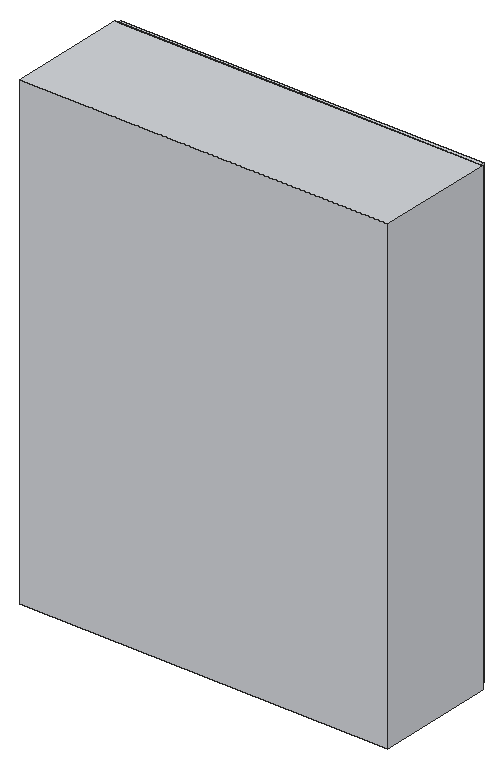
Revit family "Armário - Closet - Porta com armação dupla 2", category Mobiliário, Revit 2019
Family settings
  Número OmniClass = 23.40.20.00
  Título OmniClass = General Furniture and Specialties
  Com base no plano de trabalho = Não
  Sempre na vertical = Sim
  Corte com vazios quando carregada = Não
  Compartilhado = Não
  Ponto de cálculo do ambiente = Não
Parameters (values of type "Armário - Closet - Porta com armação dupla 2")
  Largura [instance] = 1800 mm
  Material do closet = none
  Altura [instance] = 2300 mm
  Material do puxador = none
  Linear [instance] = 600 mm
Reference planes
  plane 1 "Centro (Frente/Trás)": y = 0
  plane 2: z = 0
  plane 3 "Centro (Esquerda/Direita)": x = 0
  plane 4: z = 2300
  plane 5: z = 18
  plane 6: y = 582
  plane 7: y = 600
  plane 8: x = -900
  plane 9: x = 900
  plane 10: x = -887.5
  plane 11: x = 887.5
  plane 12: x = -20
  plane 13: x = -120
  plane 14: z = 1185
  plane 15: z = 1025
  plane 16: z = 1205
  plane 17: z = 1045
  plane 18: x = -100
  plane 19: x = -60
Forms (mm)
  Extrusion 1, solid, material <- "Material do closet", detail levels medium+fine
    sketch origin (0, 0, 0) x (1, 0, 0) y (0, 1, 0)
      loop
        line (-900, 0) -> (900, 0) -> (900, 582) -> (-900, 582) -> (-900, 0)
    from 0 to 2300
  Extrusion 2, solid, material <- "Material do closet", detail levels medium+fine
    sketch origin (0, 0, 0) x (1, 0, 0) y (0, 1, 0)
      loop
        line (-887.5, 582) -> (0, 582) -> (0, 600) -> (-887.5, 600) -> (-887.5, 582)
    from 18 to 2300
  Extrusion 3, solid, material <- "Material do closet", detail levels medium+fine
    sketch origin (0, 0, 0) x (-1, 0, 0) y (0, -1, 0)
      loop
        line (-887.5, -582) -> (-887.5, -600) -> (0, -600) -> (0, -582) -> (-887.5, -582)
    from 18 to 2300
  Extrusion 4, solid, material <- "Material do closet", detail levels coarse
    sketch origin (0, 0, 0) x (1, 0, 0) y (0, 1, 0)
      loop
        line (-900, 0) -> (900, 0) -> (900, 600) -> (-900, 600) -> (-900, 0)
    from 0 to 2300
  Extrusion 5, solid, material <- "Material do puxador", detail levels medium+fine
    sketch origin (-848.727, 600, 1200) x (-1, 0, 0) y (0, 0, -1)
      loop
        line (-828.727, -5) -> (-728.727, -5) -> (-728.727, 175) -> (-828.727, 175) -> (-828.727, -5)
    from 0 to -5
  Extrusion 6, void
    sketch origin (-848.727, 600, 1200) x (1, 0, 0) y (0, 0, -1)
      loop
        line (788.727, 15) -> (788.727, 155) -> (748.727, 155) -> (748.727, 15) -> (788.727, 15)
    from -7.5 to 7.5
  Extrusion 7, solid, material <- "Material do puxador", detail levels medium+fine
    sketch origin (-848.727, 600, 1200) x (-1, 0, 0) y (0, 0, -1)
      loop
        line (-788.727, 15) -> (-748.727, 15) -> (-748.727, 155) -> (-788.727, 155) -> (-788.727, 15)
    from 5 to 7.5
Cuts and joins
  Extrusion 6 cuts Extrusion 1
  Extrusion 6 cuts Extrusion 5
  joined: Extrusion 5, Extrusion 7
Lines and regions (mm)
  Masking region 1, detail levels coarse
    outline origin (0, 0, 0) x (0, 1, 0) y (0, 0, 1)
      loop
        line (-618, 2300) -> (-618, 0) -> (0, 0) -> (0, 2300) -> (-618, 2300)
  Masking region 2, detail levels coarse
    outline origin (0, 0, 0) x (1, 0, 0) y (0, 1, 0)
      loop
        line (-900, 0) -> (900, 0) -> (900, 600) -> (-900, 600) -> (-900, 0)
  Masking region 3, detail levels medium+fine
    outline origin (0, 0, 0) x (1, 0, 0) y (0, 1, 0)
      loop
        line (-900, 0) -> (900, 0) -> (900, 582) -> (887.5, 582) -> (887.5, 600) -> (-887.5, 600) -> (-887.5, 582) -> (-900, 582) -> (-900, 0)
  Split face 1
    outline origin (900, 600, 0) x (-1, 0, 0) y (0, 0, 1)
      loop
        line (900, 0) -> (900, 2300)
  symbolic lines
    curve 1: line (-900, 0, 0) -> (900, 0, 0)
    curve 3: line (900, 0, 0) -> (900, 582, 0)
    curve 5: line (-900, 582, 0) -> (-900, 0, 0)
    curve 9: line (887.5, 600, 0) -> (-887.5, 600, 0)
  symbolic lines, detail levels coarse
    curve 2: line (-900, 600, 0) -> (-900, 582, 0)
    curve 6: line (900, 582, 0) -> (900, 600, 0)
    curve 10: line (-900, 600, 0) -> (900, 600, 0)
    curve 12: line (-900, 0, 0) -> (900, 600, 0)
    curve 13: line (900, 0, 0) -> (-900, 600, 0)
  symbolic lines, detail levels medium+fine
    curve 4: line (-900, 582, 0) -> (900, 582, 0)
    curve 7: line (-887.5, 582, 0) -> (-887.5, 600, 0)
    curve 8: line (887.5, 582, 0) -> (887.5, 600, 0)
    curve 11: line (0, 582, 0) -> (0, 600, 0)
    curve 14: line (-900, 0, 0) -> (900, 582, 0)
    curve 15: line (900, 0, 0) -> (-900, 582, 0)
  symbolic lines, style "Giro da planta", detail levels medium+fine
    curve 16: line (-887.5, 600, 0) -> (-34.333, 844.465, 0)
    curve 17: arc (0, 600, 0) -> (-8.625, 723.432, 0) -> (-34.333, 844.465, 0) r 887.5
    curve 18: line (887.5, 600, 0) -> (34.333, 844.465, 0)
    curve 19: arc (0, 600, 0) -> (8.625, 723.432, 0) -> (34.333, 844.465, 0) r 887.5
Dimensions and locks
  "Altura": plane 4 to plane 2
  locked: plane 5 to plane 2 at 18
  equal spacing: plane 8, plane 3 "Centro (Esquerda/Direita)", plane 9
  "Largura": plane 8 to plane 9
  locked: plane 6 to plane 7 at 18
  locked: plane 8 to plane 10 at 12.5
  locked: plane 11 to plane 9 at 12.5
  locked: plane 2 to plane 15 at 1025
  locked: plane 15 to plane 17 at 20
  locked: plane 14 to plane 16 at 20
  locked: plane 15 to plane 16 at 180
  "Linear": plane 1 "Centro (Frente/Trás)" to plane 7
  aligned and locked: level to plane 2
  aligned and locked: plane 1 "Centro (Frente/Trás)" to Extrusion 1 sketch curve
  aligned and locked: plane 8 to Extrusion 1 sketch curve
  aligned and locked: Extrusion 1 sketch curve to plane 6
  aligned and locked: Extrusion 1 sketch curve to plane 9
  aligned and locked: plane 6 to Extrusion 2 sketch curve
  aligned and locked: plane 10 to Extrusion 2 sketch curve
  aligned and locked: Extrusion 2 sketch curve to plane 7
  aligned and locked: Extrusion 2 sketch curve to plane 3 "Centro (Esquerda/Direita)"
  aligned and locked: plane 3 "Centro (Esquerda/Direita)" to Extrusion 3 sketch curve
  aligned and locked: Extrusion 3 sketch curve to plane 6
  aligned and locked: plane 7 to Extrusion 3 sketch curve
  aligned and locked: Extrusion 3 sketch curve to plane 11
  aligned and locked: curve 1 to Extrusion 1
  aligned and locked: Masking region 2 sketch curve to Extrusion 1
  aligned and locked: Masking region 2 sketch curve to curve 2
  aligned and locked: Masking region 2 sketch curve to curve 3
  aligned and locked: curve 4 to Extrusion 1
  aligned and locked: curve 7 to Extrusion 2
  aligned and locked: curve 8 to Extrusion 3
  aligned and locked: curve 10 to Masking region 2
  aligned and locked: Masking region 3 sketch curve to plane 1 "Centro (Frente/Trás)"
  aligned and locked: Masking region 3 sketch curve to plane 8
  aligned and locked: plane 6 to Masking region 3 sketch curve  (x2)
  aligned and locked: Masking region 3 sketch curve to plane 10
  aligned and locked: plane 7 to Masking region 3 sketch curve
  aligned and locked: plane 11 to Masking region 3 sketch curve
  aligned and locked: plane 9 to Masking region 3 sketch curve
  aligned and locked: curve 11 to Extrusion 2
  aligned and locked: Extrusion 4 sketch curve to Extrusion 1
  aligned and locked: Extrusion 4 sketch curve to Masking region 2  (x2)
  aligned and locked: Extrusion 4 sketch curve to plane 9
  aligned and locked: plane 3 "Centro (Esquerda/Direita)" to Split face 1 sketch curve
  aligned and locked: curve 13 to plane 8
  aligned and locked: curve 12 to plane 7
  aligned and locked: curve 12 to plane 9
  aligned and locked: curve 15 to plane 8
  aligned and locked: curve 14 to plane 6
  aligned and locked: curve 14 to plane 9
  aligned and locked: plane 1 "Centro (Frente/Trás)" to curve 15
  aligned and locked: curve 15 to plane 9
  aligned and locked: curve 14 to plane 8
  aligned and locked: curve 16 to plane 10
  aligned and locked: curve 16 to plane 7
  aligned and locked: curve 17 to plane 3 "Centro (Esquerda/Direita)"
  aligned and locked: curve 17 to plane 7
  aligned and locked: curve 18 to plane 7
  aligned and locked: curve 18 to plane 11
  aligned and locked: curve 19 to plane 3 "Centro (Esquerda/Direita)"
  aligned and locked: plane 16 to Extrusion 5 sketch curve
  aligned and locked: plane 12 to Extrusion 5 sketch curve
  aligned and locked: Extrusion 5 sketch curve to plane 15
  aligned and locked: Extrusion 5 sketch curve to plane 13
  aligned and locked: plane 7 to Extrusion 5
  aligned and locked: plane 14 to Extrusion 6 sketch curve
  aligned and locked: Extrusion 6 sketch curve to plane 19
  aligned and locked: Extrusion 6 sketch curve to plane 17
  aligned and locked: plane 18 to Extrusion 6 sketch curve
  aligned and locked: Extrusion 4 to plane 2
  aligned and locked: plane 4 to Extrusion 4
  aligned and locked: cut or joined group of Extrusion 1, Extrusion 6 to plane 2
  aligned and locked: plane 4 to cut or joined group of Extrusion 1, Extrusion 6
  aligned and locked: Extrusion 2 to plane 5
  aligned and locked: Extrusion 3 to plane 5
  aligned and locked: plane 4 to Extrusion 3
  aligned and locked: plane 4 to Extrusion 2
Automatic sketch dimensions
  curve 17 to plane 10 = 0 mm
  curve 19 to plane 11 = 0 mm
  Masking region 1 sketch curve to level = 0 mm
  Masking region 1 sketch curve to plane 4 = 0 mm
  Masking region 1 sketch curve to plane 1 "Centro (Frente/Trás)" = 0 mm
  plane 1 "Centro (Frente/Trás)" to Masking region 1 sketch curve = 618 mm
  plane 7 to Masking region 2 sketch curve = 0 mm
  Split face 1 sketch curve to Extrusion 4 = 0 mm  (x2)
  plane 3 "Centro (Esquerda/Direita)" to curve 18 = 34.333 mm
  curve 17 to plane 3 "Centro (Esquerda/Direita)" = 34.333 mm
  Extrusion 7 sketch curve to plane 17 = 0 mm
  plane 19 to Extrusion 7 sketch curve = 0 mm
  plane 18 to Extrusion 7 sketch curve = 0 mm
  Extrusion 7 sketch curve to plane 14 = 0 mm
